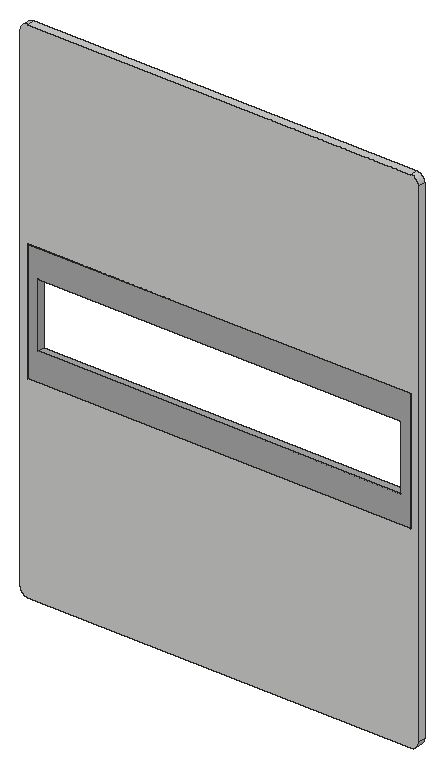
Revit family "Building-SurfaceMountingEnclosures-GEWISS-44CEP-PANELS_DIN_1X", category Apparecchi elettrici, Revit 2016
Family settings
  Mantenere orientamento annotazione = No
  Tipo di parte = Normale
  Quota connettore circolare = Usa diametro
  Numero OmniClass = 23.80.30.11.17
  Titolo OmniClass = Distribution Boards and Control Panels
  Basato su piano di lavoro = Sì
  Sempre verticale = No
  Taglio con vuoti quando caricato = No
  Condiviso = No
  Punto di calcolo locali = Sì
Parameters (values of type "GW44853 - COVER PANEL WITH WINDOW 14M.CEP 316X396")
  Watt = "NP"  # constant formula
  Voltaggio = "NP"  # constant formula
  Version file RFA = "18.0"
  URL = "https://www.gewiss.com/ww/en"
  Type of material = "Halogen free secondo norma EN 50267-2-2"
  Technical sheet = "https://www.gewiss.com/ww/en/search?q=GW44853"
  Suitable for = "Moulded case max 160 A"
  SEO = "Panel"
  Realized by GEWISS S.p.A. = ""
  Produttore = "GEWISS S.p.A."
  No. of modules EN 50022: = "14"
  No. of modules EN 50022 = "14"
  Modello = "GW44853"
  Larghezza foro = 252 mm
  Immagine tipo = GW44852.jpg
  IFC.TypeObject = ""
  IFC.ExportType = ""
  IFC.ExportAs = ""
  IDT = "6b5b4bd3-b3c6-410c-8e2b-0edb16ce71f3"
  IDF = "c9947e56-91a3-46b9-b48b-44b334458f86"
  GEWISS SCHEDA TECNICA = "http://pro.gewiss.com/irj/portal/?NavigationTarget=pcd:portal_content/com.gewiss.ZPPFDMain/com.gewiss.ZPPFDITMain/com.gewiss.ZPPFDITMainDefault/com.gewiss.ZPPFDITPages/com.gewiss.ZPPFDITPagesAP/com.gewiss.ZPPFDITPagesAPCatalogo/com.gewiss.ZPPPDITAPProductDetail&codProd=GW44853"
  Default Elevation = 1219.2 mm
  Pannello = GEWISS - GRIGIO RAL 7035
  Lunghezza = 276 mm
  Spessore = 5 mm
  H_da terra = 547.11 mm
  For boards LxH (mm) = "316x396"
  For boards = "44 CEP"
  Electrocod = "1310"
  EAN code = "8011564111349"
  Descrizione = "COVER PANEL WITH WINDOW 14M.CEP 316X396"
  Cornice = GEWISS - GRIGIO
  Colour = "Grey RAL 7035"
  Characteristics = "Halogen free"
  Catalogue Range = "44 CEP"
  Catalogue = "BUILDING"
  COBie.Tagnumber = ""
  COBie.CreatedOn = ""
  COBie.CreatebBy = ""
  COBie.ComponentRegisterItemID = ""
  COBie.Component.TagNumber = ""
  COBie.Component.Space = ""
  COBie.Component.SerialNumber = ""
  COBie.Component.InstallationDate = ""
  COBie.Component.Description = ""
  COBie.Component.BarCode = ""
  Altezza = 356 mm
Types (3, lengths in mm): name | URL | Technical sheet | Suitable for | Produttore | No. of modules EN 50022: | No. of modules EN 50022 | Modello | Larghezza foro | IDT | GEWISS SCHEDA TECNICA | Lunghezza | For boards LxH (mm) | EAN code | Descrizione | Altezza
  (no name) | 0 | "" | "" | 0 | "" | "" | 0 | 252 | "" | "http://pro.gewiss.com/irj/portal/?NavigationTarget=pcd:portal_content/com.gewiss.ZPPFDMain/com.gewiss.ZPPFDITMain/com.gewiss.ZPPFDITMainDefault/com.gewiss.ZPPFDITPages/com.gewiss.ZPPFDITPagesAP/com.gewiss.ZPPFDITPagesAPCatalogo/com.gewiss.ZPPPDITAPProductDetail&codProd=GW44853" | 276 | "" | "" | 0 | 356
  GW44852 - COVER PANEL WITH WINDOW 8M.CEP 236X316 | "https://www.gewiss.com/ww/en" | "https://www.gewiss.com/ww/en/search?q=GW44852" | "Moulded case max 125 A" | "GEWISS S.p.A." | "8" | "8" | "GW44852" | 144 | "ceb703c2-6d4a-4851-b86c-498e80fab26c" | "http://pro.gewiss.com/irj/portal/?NavigationTarget=pcd:portal_content/com.gewiss.ZPPFDMain/com.gewiss.ZPPFDITMain/com.gewiss.ZPPFDITMainDefault/com.gewiss.ZPPFDITPages/com.gewiss.ZPPFDITPagesAP/com.gewiss.ZPPFDITPagesAPCatalogo/com.gewiss.ZPPPDITAPProductDetail&codProd=GW44852" | 196 | "236x316" | "8011564111332" | "COVER PANEL WITH WINDOW 8M.CEP 236X316" | 276
  GW44853 - COVER PANEL WITH WINDOW 14M.CEP 316X396 | "https://www.gewiss.com/ww/en" | "https://www.gewiss.com/ww/en/search?q=GW44853" | "Moulded case max 160 A" | "GEWISS S.p.A." | "14" | "14" | "GW44853" | 252 | "6b5b4bd3-b3c6-410c-8e2b-0edb16ce71f3" | "http://pro.gewiss.com/irj/portal/?NavigationTarget=pcd:portal_content/com.gewiss.ZPPFDMain/com.gewiss.ZPPFDITMain/com.gewiss.ZPPFDITMainDefault/com.gewiss.ZPPFDITPages/com.gewiss.ZPPFDITPagesAP/com.gewiss.ZPPFDITPagesAPCatalogo/com.gewiss.ZPPPDITAPProductDetail&codProd=GW44853" | 276 | "316x396" | "8011564111349" | "COVER PANEL WITH WINDOW 14M.CEP 316X396" | 356
Values of the unnamed type that differ from the named types
  Version file RFA = ""
  Type of material = ""
  SEO = ""
  IDF = ""
  For boards = ""
  Electrocod = ""
  Colour = ""
  Characteristics = ""
  Catalogue Range = ""
  Catalogue = ""
Reference planes
  plane 1 "Centro (Fronte/Retro)": y = 0
  plane 2: z = 0
  plane 3 "Centro (Sinistra/Destra)": x = 0
  plane 4: x = -138
  plane 5: x = 138
  plane 6: y = 5
  plane 7: z = 547.11
  plane 8: z = 903.11
  plane 9: x = -126
  plane 10: z = 702.61
  plane 11: x = 126
  plane 12: z = 747.61
  plane 13: z = 725.11
  plane 14: x = -132.529
  plane 15: x = 132.529
  plane 16: z = 767.192
  plane 17: z = 683.028
Forms (mm)
  Extrusion 1, solid, material "GEWISS - GRIGIO RAL 7035" <- "Pannello"
    sketch origin (0, 0, 0) x (1, 0, 0) y (0, 0, 1)
      loop
        line (-132.529, 767.192) -> (-132.529, 683.028) -> (132.529, 683.028) -> (132.529, 767.192) -> (-132.529, 767.192)
      loop
        arc (-132.613, 903.11) -> (-136.422, 901.532) -> (-138, 897.723) r 5.387
        line (-138, 897.723) -> (-138, 552.497)
        arc (-138, 552.497) -> (-136.422, 548.688) -> (-132.613, 547.11) r 5.387
        line (-132.613, 547.11) -> (132.613, 547.11)
        arc (132.613, 547.11) -> (136.422, 548.688) -> (138, 552.497) r 5.387
        line (138, 552.497) -> (138, 897.723)
        arc (138, 897.723) -> (136.422, 901.532) -> (132.613, 903.11) r 5.387
        line (132.613, 903.11) -> (-132.613, 903.11)
    from -5 to 0
  Extrusion 2, solid, material "GEWISS - GRIGIO" <- "Cornice"
    sketch origin (0, 0, 0) x (1, 0, 0) y (0, 0, 1)
      loop
        line (-132.529, 767.192) -> (-132.529, 683.028) -> (132.529, 683.028) -> (132.529, 767.192) -> (-132.529, 767.192)
      loop
        line (-126, 747.61) -> (-126, 702.61) -> (126, 702.61) -> (126, 747.61) -> (-126, 747.61)
    from -5 to 0
Lines and regions (mm)
  Masking region 1
    outline origin (0, 0, 0) x (1, 0, 0) y (0, 1, 0)
      loop
        line (-138, 0) -> (138, 0) -> (138, 5) -> (-138, 5) -> (-138, 0)
  Masking region 2
    outline origin (0, 0, 0) x (0, 1, 0) y (0, 0, 1)
      loop
        line (0, 903.11) -> (0, 547.11) -> (5, 547.11) -> (5, 903.11) -> (0, 903.11)
Dimensions and locks
  "Spessore": plane 1 "Centro (Fronte/Retro)" to plane 6
  "H_da terra": plane 7 to plane 2
  "Altezza": plane 8 to plane 7
  equal spacing: plane 12, plane 13, plane 10
  locked: plane 12 to plane 10 at 45
  equal spacing: plane 8, plane 13, plane 7
  equal spacing: plane 5, plane 3 "Centro (Sinistra/Destra)", plane 4
  "Lunghezza": plane 5 to plane 4
  "Larghezza foro": plane 11 to plane 9
  equal spacing: plane 11, plane 3 "Centro (Sinistra/Destra)", plane 9
  equal spacing: plane 15, plane 3 "Centro (Sinistra/Destra)", plane 14
  equal spacing: plane 16, plane 13, plane 17
  locked: plane 9 to plane 14 at 6.529
  locked: plane 16 to plane 12 at 19.582
  aligned and locked: level to plane 2
  aligned and locked: plane 5 to Extrusion 1
  aligned and locked: nested 1 to plane 13
  aligned and locked: plane 3 "Centro (Sinistra/Destra)" to nested 1
  aligned and locked: plane 16 to nested 1
  aligned and locked: plane 17 to nested 1
  aligned and locked: plane 15 to nested 1
  aligned and locked: plane 14 to nested 1
  aligned and locked: nested 1 to Extrusion 1
  aligned and locked: Extrusion 1 to nested 1  (x3)
  aligned and locked: Extrusion 2 sketch curve to Extrusion 1  (x4)
  aligned and locked: Extrusion 2 sketch curve to nested 1  (x4)
  aligned and locked: plane 6 to Extrusion 2
  aligned and locked: plane 1 "Centro (Fronte/Retro)" to Extrusion 2
Automatic sketch dimensions
  Masking region 2 sketch curve to plane 8 = 0 mm
  Masking region 1 sketch curve to plane 4 = 0 mm
  Masking region 1 sketch curve to plane 5 = 0 mm
  Masking region 2 sketch curve to plane 7 = 0 mm
  plane 1 "Centro (Fronte/Retro)" to Masking region 1 sketch curve = 0 mm
  Masking region 1 sketch curve to plane 6 = 0 mm
  Masking region 2 sketch curve to plane 1 "Centro (Fronte/Retro)" = 0 mm
  Masking region 2 sketch curve to plane 6 = 0 mm
  Extrusion 1 sketch curve to plane 4 = 0 mm
  Extrusion 1 sketch curve to plane 7 = 0 mm
  Extrusion 1 sketch curve to plane 8 = 0 mm
  Extrusion 1 sketch curve to plane 9 = 6.529 mm
  Extrusion 1 sketch curve to plane 10 = 19.582 mm
  plane 11 to Extrusion 1 sketch curve = 6.529 mm
  Extrusion 1 sketch curve to plane 5 = 0 mm
  plane 12 to Extrusion 1 sketch curve = 19.582 mm
  Extrusion 1 sketch curve to Extrusion 1 sketch curve = 5.387 mm  (x3)
  plane 4 to Extrusion 1 sketch curve = 5.387 mm
Nested families
  nested 1: "2D - CEP PANNELLI DIN 1 FILA" at (0, 0, 725.11) x (1, 0, 0) z (0, -1, 0), Altezza <- "Altezza", Larghezza <- "Lunghezza", Larghezza foro <- "Larghezza foro", type "1 foro"
    with Larghezza foro 252 mm, Larghezza 276 mm, Altezza 356 mm
Definition of nested family "2D - CEP PANNELLI DIN 1 FILA"
  Parameters (values of type "1 foro")
    Larghezza foro [instance] = 252.046 mm
    Larghezza [instance] = 396 mm
    Altezza foro = 45 mm  # constant formula
    Altezza [instance] = 474 mm
    2 fori = no
    1 foro = yes
  Types (2, lengths in mm): name | Larghezza foro | 2 fori | 1 foro
    1 foro | 252.046 | no | yes
    2 fori | 156 | yes | no
  Reference planes
    plane 1 "Centro (Fronte/Retro)": y = 0
    plane 2: z = 0
    plane 3 "Centro (Sinistra/Destra)": x = 0
    plane 4: x = -198
    plane 5: x = 198
    plane 6: y = 237
    plane 7: y = -237
    plane 8: x = -126.023
    plane 9: x = 126.023
    plane 10: y = 22.5
    plane 11: y = -22.5
    plane 12: x = -132.552
    plane 13: x = 132.552
    plane 14: y = -42.082
    plane 15: y = 42.082
  Lines and regions (mm)
    model lines, in view "Livello rif."
      curve 1: line (-188.613, -237, 0) -> (-192.172, -236.299, 0)
      curve 2: line (-192.172, -236.299, 0) -> (-195.251, -234.251, 0)
      curve 3: line (-195.251, -234.251, 0) -> (-197.445, -230.793, 0)
      curve 4: line (-197.445, -230.793, 0) -> (-198, -227.613, 0)
      curve 5: line (-198, -227.613, 0) -> (-198, 226.674, 0)
      curve 6: line (198, 226.674, 0) -> (198, -227.613, 0)
      curve 7: line (198, -227.613, 0) -> (197.281, -231.215, 0)
      curve 8: line (197.281, -231.215, 0) -> (195.251, -234.251, 0)
      curve 9: line (195.251, -234.251, 0) -> (192.25, -236.267, 0)
      curve 10: line (192.25, -236.267, 0) -> (188.613, -237, 0)
      curve 11: line (188.613, -237, 0) -> (-188.613, -237, 0)
      curve 12: line (-198, 226.674, 0) -> (-198, 227.613, 0)
      curve 13: line (-198, 227.613, 0) -> (-197.339, 231.072, 0)
      curve 14: line (-197.339, 231.072, 0) -> (-195.362, 234.137, 0)
      curve 15: line (-195.362, 234.137, 0) -> (-192.869, 235.98, 0)
      curve 16: line (-192.869, 235.98, 0) -> (-188.613, 237, 0)
      curve 17: line (-188.613, 237, 0) -> (188.613, 237, 0)
      curve 18: line (188.613, 237, 0) -> (192.796, 236.016, 0)
      curve 19: line (192.796, 236.016, 0) -> (195.251, 234.251, 0)
      curve 20: line (195.251, 234.251, 0) -> (197.047, 231.734, 0)
      curve 21: line (197.047, 231.734, 0) -> (198, 227.613, 0)
      curve 22: line (198, 227.613, 0) -> (198, 226.674, 0)
    detail lines, in view "Livello rif."
      curve 23: line (-126.023, -22.5, 0) -> (126.023, -22.5, 0)
      curve 24: line (-126.023, 22.5, 0) -> (-126.023, -22.5, 0)
      curve 25: line (126.023, 22.5, 0) -> (-126.023, 22.5, 0)
      curve 26: line (126.023, -22.5, 0) -> (126.023, 22.5, 0)
      curve 27: line (-132.552, -42.082, 0) -> (132.552, -42.082, 0)
      curve 28: line (-132.552, 42.082, 0) -> (-132.552, -42.082, 0)
      curve 29: line (132.552, 42.082, 0) -> (-132.552, 42.082, 0)
      curve 30: line (132.552, -42.082, 0) -> (132.552, 42.082, 0)
  Dimensions and locks
    equal spacing: plane 6, plane 1 "Centro (Fronte/Retro)", plane 7
    "Altezza": plane 6 to plane 7
    "Larghezza": plane 4 to plane 5
    equal spacing: plane 8, plane 3 "Centro (Sinistra/Destra)", plane 9
    "Larghezza foro": plane 8 to plane 9
    equal spacing: plane 10, plane 1 "Centro (Fronte/Retro)", plane 11
    "Altezza foro": plane 10 to plane 11
    locked: plane 12 to plane 8 at 6.529
    locked: plane 9 to plane 13 at 6.529
    locked: plane 15 to plane 10 at 19.582
    locked: plane 11 to plane 14 at 19.582
    equal spacing: plane 4, plane 3 "Centro (Sinistra/Destra)", plane 5
    aligned and locked: curve 17 to plane 6
    aligned and locked: plane 7 to curve 11
    aligned and locked: curve 6 to plane 5
    aligned and locked: plane 4 to curve 5
    aligned and locked: curve 23 to plane 11
    aligned and locked: curve 24 to plane 8
    aligned and locked: plane 10 to curve 25
    aligned and locked: curve 26 to plane 9
    aligned and locked: curve 27 to plane 14
    aligned and locked: curve 28 to plane 12
    aligned and locked: plane 15 to curve 29
    aligned and locked: plane 13 to curve 30
  Automatic sketch dimensions
    plane 4 to curve 3 = 0.555 mm
    plane 4 to curve 14 = 0.661 mm
    plane 4 to curve 15 = 2.638 mm
    plane 4 to curve 3 = 2.749 mm
    curve 15 to plane 6 = 1.02 mm
    curve 14 to curve 15 = 2.493 mm
    plane 7 to curve 2 = 0.701 mm
    curve 2 to curve 2 = 3.078 mm
    curve 15 to curve 16 = 4.256 mm
    curve 1 to curve 1 = 3.56 mm
    curve 17 to plane 5 = 9.387 mm
    curve 10 to plane 5 = 9.387 mm
    plane 7 to curve 10 = 0.733 mm
    curve 10 to curve 10 = 3.637 mm
    curve 19 to plane 6 = 0.984 mm
    curve 17 to curve 19 = 4.183 mm
    curve 19 to plane 5 = 2.749 mm
    curve 8 to plane 5 = 2.749 mm
    curve 21 to plane 5 = 0.953 mm
    curve 7 to plane 5 = 0.719 mm
    plane 7 to curve 2 = 2.749 mm
    plane 7 to curve 8 = 2.749 mm
    curve 8 to curve 7 = 3.036 mm
    curve 2 to curve 4 = 3.458 mm
    curve 3 to curve 5 = 3.18 mm
    curve 7 to curve 6 = 3.602 mm
    curve 22 to plane 6 = 10.326 mm
    curve 12 to plane 6 = 10.326 mm
    curve 6 to curve 21 = 0.939 mm
    curve 5 to curve 12 = 0.939 mm
    curve 12 to curve 14 = 3.46 mm
    curve 21 to curve 20 = 4.121 mm
    curve 14 to plane 6 = 2.863 mm
    curve 19 to plane 6 = 2.749 mm
